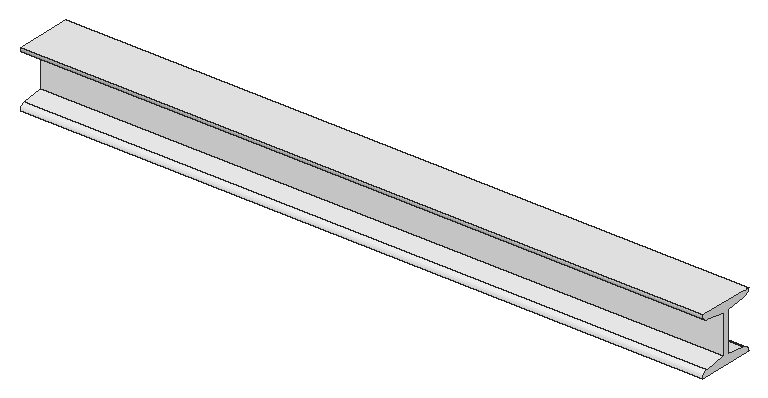
Revit family "CAE-Caibro de aço enrolado", category Quadro estrutural, Revit 2019
Family settings
  Arredondamento do comprimento do framing estrutural = 0 mm
  Forma do corte = Não definido
  Material para o comportamento do modelo = Aço
  Exportar sempre como geometria = Não
  Número OmniClass = 23.25.30.11.14.14
  Título OmniClass = Beams
  ID de item do Seek = RSJ-Rolled Steel Joist-0000-CAN-ENU
  Sempre na vertical = Sim
  Corte com vazios quando carregada = Não
  Representação simbólica = Das configurações de projeto
  Compartilhado = Não
  Exibir o pré-corte da família na vista da planta = Sim
Parameters (values of type "102x102x23RSJ")
  r2 = 3.2 mm
  r1 = 11.1 mm
  W = 0
  Structural Material [instance] = Aço, 45-345
  Ix = 0
  Length [instance] = 1524 mm
  M = 23
  Zx = 0
  b = 101.6 mm
  h = 101.6 mm
  s = 9.5 mm
  t = 10.3 mm
  A = 0.00 m²
Types (3, lengths in mm): name | r2 | r1 | M | b | h | s | t
  (no name) | 3.2 | 11.1 | 23 | 101.6 | 101.6 | 9.5 | 10.3
  127x114x29RSJ | 4.8 | 9.9 | 29.3 | 114.3 | 127 | 10.2 | 11.5
  102x102x23RSJ | 3.2 | 11.1 | 23 | 101.6 | 101.6 | 9.5 | 10.3
Reference planes
  plane 1 "Centro (Frente/Trás)": y = 0
  plane 2: z = 0
  plane 3 "Centro (Esquerda/Direita)": x = 4.61
  plane 4 "Membro esquerdo": x = -604.99
  plane 5 "Membro direito": x = 614.21
  plane 6: y = 50.8
  plane 7: y = -50.8
  plane 8 "Superior": z = 50.8
  plane 9: z = -50.8
  plane 10 "Esquerda": x = -757.39
  plane 11 "Direita": x = 766.61
Forms (mm)
  Sweep 1, solid, material "Aço, 45-345" <- "Structural Material", detail levels fine
    path origin (0, 0, 0) x (1, 0, 0) y (0, 1, 0)
      loop
        line (614.21, 0) -> (-604.99, 0)
    profile "M_CAE-Caibro de aço enrolado-Perfil-Alto : M_CAE-Caibro de aço enrolado-Perfil-Alto" origin (4.61, 0, 0) x (0, -1, 0) y (0, 0, 1)
      loop
        arc (-50.8, 50.8) -> (-47.783, 43.517) -> (-40.5, 40.5) r 10.3
        line (-40.5, 40.5) -> (-4.75, 34.838) -> (-4.75, -34.838) -> (-40.5, -40.5)
        arc (-40.5, -40.5) -> (-47.783, -43.517) -> (-50.8, -50.8) r 10.3
        line (-50.8, -50.8) -> (50.8, -50.8)
        arc (50.8, -50.8) -> (47.783, -43.517) -> (40.5, -40.5) r 10.3
        line (40.5, -40.5) -> (4.75, -34.838) -> (4.75, 34.832) -> (40.538, 40.5)
        arc (40.538, 40.5) -> (47.797, 43.53) -> (50.8, 50.8) r 10.3
        line (50.8, 50.8) -> (-50.8, 50.8)
  Sweep 2, solid, material "Aço, 45-345" <- "Structural Material", detail levels medium
    path origin (0, 0, 0) x (1, 0, 0) y (0, 1, 0)
      loop
        line (614.21, 0) -> (-604.99, 0)
    profile "M_CAE-Caibro de aço enrolado-Perfil-Médio : M_CAE-Caibro de aço enrolado-Perfil-Médio" origin (4.61, 0, 0) x (0, -1, 0) y (0, 0, 1)
      loop
        line (-50.8, 50.8) -> (-50.8, 40.5) -> (-4.75, 33.206) -> (-4.75, -33.206) -> (-50.8, -40.5) -> (-50.8, -50.8) -> (50.8, -50.8) -> (50.8, -40.5) -> (4.75, -33.206) -> (4.75, 33.206) -> (50.8, 40.5) -> (50.8, 50.8) -> (-50.8, 50.8)
Lines and regions (mm)
  symbolic lines, style "Faces ocultas", detail levels medium+fine
    curve 1: line (614.21, -5.1, 0) -> (-604.99, -5.1, 0)
    curve 2: line (614.21, 5.1, 0) -> (-604.99, 5.1, 0)
  symbolic lines, style "Símbolos de vara", detail levels coarse
    curve 3: line (4.61, 50.8, 50.8) -> (4.61, -50.8, 50.8)
    curve 4: line (4.61, -50.8, -50.8) -> (4.61, 50.8, -50.8)
    curve 5: line (4.61, 0, 50.8) -> (4.61, 0, -50.8)
Dimensions and locks
  "b": plane 6 to plane 7
  "h": plane 9 to plane 8 "Superior"
  equal spacing: plane 9, plane 2, plane 8 "Superior"
  equal spacing: plane 6, plane 1 "Centro (Frente/Trás)", plane 7
  "Length": plane 10 "Esquerda" to plane 11 "Direita"
  aligned and locked: Sweep 1 sketch curve to plane 1 "Centro (Frente/Trás)"
  aligned and locked: Sweep 2 sketch curve to plane 1 "Centro (Frente/Trás)"
  aligned and locked: Sweep 2 to curve 3  (x2)
  aligned and locked: Sweep 2 to curve 4  (x2)
  aligned and locked: curve 3 to Sweep 2
  aligned and locked: curve 4 to Sweep 2
  aligned and locked: plane 4 "Membro esquerdo" to Sweep 1 sketch curve
  aligned and locked: plane 5 "Membro direito" to Sweep 1 sketch curve
  aligned and locked: plane 4 "Membro esquerdo" to Sweep 2 sketch curve
  aligned and locked: plane 5 "Membro direito" to Sweep 2 sketch curve
  aligned and locked: plane 4 "Membro esquerdo" to curve 1
  aligned and locked: plane 5 "Membro direito" to curve 1
  aligned and locked: plane 4 "Membro esquerdo" to curve 2
  aligned and locked: plane 5 "Membro direito" to curve 2
Automatic sketch dimensions
  curve 2 to plane 1 "Centro (Frente/Trás)" = 5.1 mm
  plane 1 "Centro (Frente/Trás)" to curve 1 = 5.1 mm
  curve 5 to plane 1 "Centro (Frente/Trás)" = 0 mm
Types in the file's own list only (7): name | r2 | r1 | Ix | M | Zx | b | h | s | t | A
  254x203x82RSJ | 10 mm | 20 mm | 12020 | 82 | 947 | 203 mm | 254 mm | 10 mm | 20 mm | 0.01 m²
  203x152x52RSJ | 8 mm | 16 mm | 4798 | 52.3 | 472 | 152 mm | 203 mm | 9 mm | 17 mm | 0.01 m²
  152x127x37RSJ | 7 mm | 14 mm | 1818 | 37.3 | 239 | 127 mm | 152 mm | 10 mm | 13 mm | 0.00 m²
  127x114x27RSJ | 5 mm | 10 mm | 946 | 26.9 | 149 | 114 mm | 127 mm | 7 mm | 11 mm | 0.00 m²
  102x44x7RSJ | 3 mm | 7 mm | 153 | 7.5 | 30.1 | 102 mm | 102 mm | 4 mm | 6 mm | 0.00 m²
  89x89x19RSJ | 3 mm | 11 mm | 307 | 19.5 | 69 | 89 mm | 89 mm | 10 mm | 10 mm | 0.00 m²
  76x76x13RSJ | 5 mm | 9 mm | 158 | 12.8 | 41.5 | 76 mm | 76 mm | 5 mm | 8 mm | 0.00 m²
